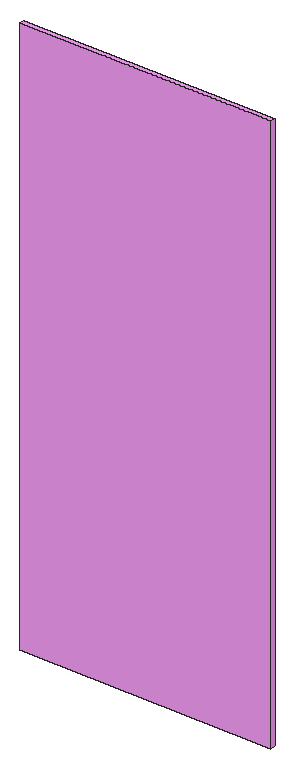
Revit family "EXP_WT-1A_CPan-024", category Curtain Panels, Revit 2021
Family settings
  OmniClass Number = 23.25.20.14.11.11.17
  OmniClass Title = Infill Panels
  Always vertical = Yes
  Cut with Voids When Loaded = No
  Shared = No
Parameters
  UI-UnitNumber [instance] = "001"
  UI-Quadrant [instance] = "SE"
  UI-ProjectAbbreviation = "NEU"
  UI-ItemCategory = "PID"
  UI-FloorNumber [instance] = "03"
  PNT-WallType = "WT1A"
  PNT-ProjectAbbreviation = "NEU"
  PNT-PanelType [instance] = "01"
  PNT-ItemCategory = "PNL"
  GlassSPH [instance] = 0' - 1 1/8"
  GlassH1 [instance] = IG-3F(Glass)
  Define Thermal Properties by = Schematic Type
  CellSp = 0' - 10 3/16"
  CellL [instance] = 6' - 2"
  CellH1 [instance] = CellH  # 12' - 11"
  CellH [instance] = 12' - 11"
  CellAngle [instance] = 45.00°
  Analytic Construction = "<None>"
Reference planes (in)
  plane 1 "Center (Front/Back)": y = 0
  plane 2: z = 0
  plane 3 "Center (Left/Right)": x = 0
  plane 4 "Left": x = -37
  plane 5 "Right": x = 37
  plane 6 "Top": z = 155
  plane 7: y = -10.1875
Forms (in)
  Extrusion 1, solid, material "IG-3F(Glass)" <- "GlassH1", detail levels coarse+medium
    sketch origin (0, 0, 0) x (1, 0, 0) y (0, 1, 0)
      loop
        line (37, 0) -> (-37, 0) -> (-26.8125, -10.1875) -> (37, -10.1875) -> (37, 0)
    from 0 to 155
Lines and regions (in)
  reference lines
    curve 1: line (-37, 0, 0) -> (-2.35177, -34.64823, 0)
Text (in)
  text "Exterior" at (-92.59733, 55.75508, 0), in view "Ref. Level"
  text "Exterior" at (0, 90.18664, 173.49264), in view "Left"
  text "Exterior" at (0, 52.29083, 162.21847), in view "Right"
Dimensions and locks (in)
  "CellL": plane 4 "Left" to plane 5 "Right"
  equal spacing: plane 4 "Left", plane 3 "Center (Left/Right)", plane 5 "Right"
  "CellH": plane 2 to plane 6 "Top"
  "CellSp": plane 7 to plane 1 "Center (Front/Back)"
  "CellAngle": angle curve 1 to plane 1 "Center (Front/Back)"
  aligned and locked: level to plane 2
  aligned and locked: Extrusion 1 sketch curve to plane 1 "Center (Front/Back)"
  aligned and locked: Extrusion 1 sketch curve to plane 7
  aligned and locked: Extrusion 1 sketch curve to curve 1
  aligned and locked: Extrusion 1 sketch curve to plane 5 "Right"
  aligned and locked: Extrusion 1 to plane 6 "Top"
  aligned and locked: nested 1 to curve 1
  aligned and locked: Extrusion 1 to nested 2
  aligned and locked: nested 2 to Extrusion 1
  aligned and locked: nested 2 to level
  aligned and locked: Extrusion 1 to plane 2
  aligned and locked: nested 1 to plane 5 "Right"
  aligned and locked: plane 5 "Right" to nested 3
  aligned and locked: plane 1 "Center (Front/Back)" to nested 3
  aligned and locked: plane 2 to Extrusion 1
  aligned and locked: plane 6 "Top" to Extrusion 1
  aligned and locked: plane 1 "Center (Front/Back)" to nested 4
  aligned and locked: nested 4 to plane 6 "Top"
  aligned and locked: plane 2 to nested 4
  aligned and locked: plane 5 "Right" to nested 4
  aligned and locked: plane 4 "Left" to nested 4
Automatic sketch dimensions
  plane 1 "Center (Front/Back)" to curve 1 = 0' - 0"
  curve 1 to plane 4 "Left" = 0' - 0"
Nested families (in)
  nested 1: "EXP_WT-1A_DetO-002" at (-37, 0, 0), CellAngle <- "CellAngle", type "EXP_WT-1A_DetO-002"
    with built-in parameter 1001306 6.1667 (stored number, unit not read), CellAngle 45.00°
  nested 2: "EXP_WT-1A_DetO-003" at (0, 0, 155) x (0, 0, -1) z (1, 0, 0), type "EXP_WT-1A_DetO-003"
    with built-in parameter 1001306 12.917 (stored number, unit not read), CellH2 8' - 5 1/2", CellH1 4' - 5 1/2"
  nested 3: "EXP_xx_DetO-002" at (0, 0, 0), CellH <- "CellH", CellL <- "CellL", type "EXP_xx_DetO-002", detail levels coarse
    with CellL 6' - 2", CellH 12' - 11"
  nested 4: "EXP_WT-1x_IG-003" at (0, 0, 77.5), MaterialGlass <- "GlassH1", GlassSP <- "GlassSPH", type "A = 78_GlassSP = H", detail levels fine
    with MaterialGlass IG-3F(Glass), GlassSP 0' - 1 1/8", GlassL 5' - 7.93701", GlassH 12' - 8.12598", CellL 6' - 2", CellH 12' - 11"
Definition of nested family "EXP_WT-1x_IG-003"
  Parameters (values of type "A = 90_H2(x2) _ GlassSP = 2 1/8"")
    MaterialGlass [instance] = none
    GlassSP [instance] = 0' - 2.12598"
    GlassL [instance] = CellL - (GlassD1 + GlassD3)  # 3' - 7.69291"
    GlassH [instance] = CellH - (GlassD2 + GlassD4)  # 6' - 6.64788"
    GlassD4 = 0' - 1.43701"
    GlassD3 = 0' - 0.93701"
    GlassD2 = 0' - 0 1/2"
    GlassD1 = 0' - 4.18898"
    GMPI-ProjectAbbreviation = "NEU"
    GMPI-IteamCategory = "GLS"
    Default Elevation = 0' - 0"
    CellL [instance] = 4' - 0.8189"
    CellH [instance] = 6' - 8.58489"
  Types (20): name | GlassSP | GlassL | GlassH | GlassD4 | GlassD2 | GlassD1
    A = 90_H2(x2) _ GlassSP = 2 1/8" | 0' - 2.12598" | 3' - 7.69291" | 6' - 6.64788" | 0' - 1.43701" | 0' - 0 1/2" | 0' - 4.18898"
    A = 90_H1 _ GlassSP = 1 1/4" | 0' - 1 1/4" | 3' - 7.69291" | 6' - 6.89739" | 0' - 0 1/4" | 0' - 1 7/16" | 0' - 4.18898"
    A = 90_H2(x3) _ GlassSP = 2 1/8" | 0' - 2.12598" | 3' - 7.69291" | 6' - 7.83489" | 0' - 0 1/4" | 0' - 0 1/2" | 0' - 4.18898"
    A = 90_H3 _ GlassSP = 1 1/4" | 0' - 1 1/4" | 3' - 7.69291" | 6' - 6.64788" | 0' - 1.43701" | 0' - 0 1/2" | 0' - 4.18898"
    A = 90_H _ GlassSP = 1 1/4" | 0' - 1 1/4" | 3' - 7.69291" | 6' - 5.71088" | 0' - 1.43701" | 0' - 1.43701" | 0' - 4.18898"
    A = 78_H _ GlassSP = 1 1/4" | 0' - 1 1/4" | 3' - 6.75591" | 6' - 5.71088" | 0' - 1.43701" | 0' - 1.43701" | 0' - 5.12598"
    A = 78_H1 _ GlassSP = 1 1/4" | 0' - 1 1/4" | 3' - 6.75591" | 6' - 6.89739" | 0' - 0 1/4" | 0' - 1 7/16" | 0' - 5.12598"
    A = 78_H2(x2) _ GlassSP = 2 1/8" | 0' - 2.12598" | 3' - 6.75591" | 6' - 6.64788" | 0' - 1.43701" | 0' - 0 1/2" | 0' - 5.12598"
    A = 78_H2(x3) _ GlassSP = 2 1/8" | 0' - 2.12598" | 3' - 6.75591" | 6' - 7.83489" | 0' - 0 1/4" | 0' - 0 1/2" | 0' - 5.12598"
    A = 78_H3 _ GlassSP = 1 1/4" | 0' - 1 1/4" | 3' - 6.75591" | 6' - 6.64788" | 0' - 1.43701" | 0' - 0 1/2" | 0' - 5.12598"
    A = 90_GlassSP = H | 0' - 1 1/4" | 3' - 7.69291" | 6' - 5.71088" | 0' - 1.43701" | 0' - 1.43701" | 0' - 4.18898"
    A = 90_ GlassSP = H3 | 0' - 1 1/4" | 3' - 7.69291" | 6' - 6.64788" | 0' - 1.43701" | 0' - 0 1/2" | 0' - 4.18898"
    A = 90_GlassSP = H2(x3) | 0' - 2.12598" | 3' - 7.69291" | 6' - 7.83489" | 0' - 0 1/4" | 0' - 0 1/2" | 0' - 4.18898"
    A = 90_GlassSP = H2(x2) | 0' - 2.12598" | 3' - 7.69291" | 6' - 6.64788" | 0' - 1.43701" | 0' - 0 1/2" | 0' - 4.18898"
    A = 90_GlassSP = H1 | 0' - 1 1/4" | 3' - 7.69291" | 6' - 6.89739" | 0' - 0 1/4" | 0' - 1 7/16" | 0' - 4.18898"
    A = 78_GlassSP = H | 0' - 1 1/4" | 3' - 6.75591" | 6' - 5.71088" | 0' - 1.43701" | 0' - 1.43701" | 0' - 5.12598"
    A = 78_ GlassSP = H3 | 0' - 1 1/4" | 3' - 6.75591" | 6' - 6.64788" | 0' - 1.43701" | 0' - 0 1/2" | 0' - 5.12598"
    A = 78_ GlassSP = H2(x3) | 0' - 2.12598" | 3' - 6.75591" | 6' - 7.83489" | 0' - 0 1/4" | 0' - 0 1/2" | 0' - 5.12598"
    A = 78_GlassSP = H2(x2) | 0' - 2.12598" | 3' - 6.75591" | 6' - 6.64788" | 0' - 1.43701" | 0' - 0 1/2" | 0' - 5.12598"
    A = 78_GlassSP = H1 | 0' - 1 1/4" | 3' - 6.75591" | 6' - 6.89739" | 0' - 0 1/4" | 0' - 1 7/16" | 0' - 5.12598"
  Reference planes (in)
    plane 1 "Center (Front/Back)": y = 0
    plane 2: z = 0
    plane 3 "Center (Left/Right)": x = 0
    plane 4: x = -24.40945
    plane 5: x = 24.40945
    plane 6: z = 40.29245
    plane 7: x = -20.22047
    plane 8: x = 23.47244
    plane 9: z = -40.29245
    plane 10: z = 39.79245
    plane 11: z = -38.85544
  Forms (in)
    Extrusion 1, solid, material <- "MaterialGlass"
      sketch origin (0, 0, 0) x (1, 0, 0) y (0, 0, 1)
        loop
          line (-20.22047, -38.85544) -> (23.47244, -38.85544) -> (23.47244, 39.79245) -> (-20.22047, 39.79245) -> (-20.22047, -38.85544)
      from 0 to 2.12598 <- "GlassSP"
  Dimensions and locks (in)
    equal spacing: plane 6, level, plane 9
    "CellH": plane 6 to plane 9
    "GlassD2": plane 6 to plane 10
    "GlassD4": plane 11 to plane 9
    equal spacing: plane 4, plane 3 "Center (Left/Right)", plane 5
    "CellL": plane 4 to plane 5
    "GlassD1": plane 4 to plane 7
    "GlassD3": plane 5 to plane 8
    aligned and locked: level to plane 2
    aligned and locked: Extrusion 1 sketch curve to plane 11
    aligned and locked: Extrusion 1 sketch curve to plane 7
    aligned and locked: plane 10 to Extrusion 1 sketch curve
    aligned and locked: plane 8 to Extrusion 1 sketch curve
Definition of nested family "EXP_WT-1A_DetO-002"
  Parameters (values of type "EXP_WT-1A_DetO-002")
    built-in parameter 1001306 [instance] = 5' - 2.99213"
    CellAngle [instance] = 45.00°
  Reference planes (in)
    plane 1 "Center (Front/Back)": y = 0
    plane 2: z = 0
    plane 3 "Left": x = 0
    plane 4 "Right": x = 62.99213
  Lines and regions (in)
    reference lines, in view "Ref. Level"
      curve 1: line (0, 0, 0) -> (62.99213, 0, 0)
      curve 17: line (0, 0, 0) -> (16.97056, -16.97056, 0)
    detail lines, in view "Ref. Level"
      curve 2: line (-0.30429, 0, 0) -> (-0.00849, 0, 0)
      curve 3: line (-0.30429, 0, 0) -> (-0.00849, 0, 0)
      curve 4: line (62.99213, -0.81795, 0) -> (62.99213, -10.1875, 0)
      curve 5: line (62.99213, -10.1875, 0) -> (60.99213, -10.1875, 0)
      curve 6: line (60.99213, -10.1875, 0) -> (60.99213, -2.43678, 0)
      curve 7: line (60.99213, -2.43678, 0) -> (62.44632, -2.43678, 0)
      curve 8: line (62.44632, -2.43678, 0) -> (62.44632, 0, 0)
      curve 9: line (62.44632, 0, 0) -> (62.74213, 0, 0)
      curve 10: line (62.74213, 0, 0) -> (62.74213, -0.81795, 0)
      curve 11: line (62.99213, -0.81795, 0) -> (62.74213, -0.81795, 0)
      curve 12: line (-0.30429, 0, 0) -> (-0.00849, 0, 0)
      curve 13: line (2.83381, 0, 0) -> (62.04971, 0, 0)
      curve 14: line (2.83381, -1.31, 0) -> (2.83381, 0, 0)
      curve 15: line (2.83381, -1.31, 0) -> (62.04971, -1.31, 0)
      curve 16: line (62.04971, -1.31, 0) -> (62.04971, 0, 0)
      curve 18: line (2.35972, -2.35972, 0) -> (10.125, -10.1875, 0)
      curve 19: line (12.59763, -10.1875, 0) -> (10.125, -10.1875, 0)
      curve 20: line (4.3571, -1.88308, 0) -> (12.59763, -10.1875, 0)
      curve 21: line (2.8356, -1.88308, 0) -> (4.3571, -1.88308, 0)
      curve 22: line (2.35972, -2.35972, 0) -> (2.8356, -1.88308, 0)
  Dimensions and locks (in)
    "built-in parameter 1001306": plane 3 "Left" to plane 4 "Right"
    "CellAngle": angle curve 17 to plane 1 "Center (Front/Back)"
    aligned and locked: plane 1 "Center (Front/Back)" to curve 1
    aligned and locked: plane 3 "Left" to curve 1
    aligned and locked: plane 4 "Right" to curve 1
    aligned and locked: curve 4 to plane 4 "Right"
    aligned and locked: curve 12 to curve 1
    aligned and locked: curve 1 to curve 13
    aligned and locked: curve 5 to curve 19
  Automatic sketch dimensions
    plane 1 "Center (Front/Back)" to curve 9 = 0' - 0"
    curve 2 to curve 2 = 0' - 0.2958"
    curve 7 to plane 4 "Right" = 0' - 2"
    curve 9 to plane 4 "Right" = 0' - 0.5458"
    curve 10 to curve 4 = 0' - 0 1/4"
    plane 1 "Center (Front/Back)" to curve 4 = 0' - 0.81795"
    curve 7 to curve 10 = 0' - 1.61883"
    curve 16 to curve 10 = 0' - 0.69242"
    curve 16 to curve 10 = 0' - 0.49205"
    curve 3 to curve 13 = 0' - 2.8423"
    curve 14 to curve 20 = 0' - 1.52329"
    curve 19 to curve 20 = 0' - 2.47263"
    curve 14 to curve 21 = 0' - 0.00179"
    curve 22 to curve 22 = 0' - 0.47588"
    curve 22 to curve 22 = 0' - 0.47664"
    plane 1 "Center (Front/Back)" to curve 21 = 0' - 1.88308"
    plane 3 "Left" to curve 20 = 1' - 0.59763"
    plane 3 "Left" to curve 21 = 0' - 4.3571"
    curve 5 to curve 6 = 0' - 7.75072"
Definition of nested family "EXP_WT-1A_DetO-003"
  Parameters (values of type "EXP_WT-1A_DetO-003")
    built-in parameter 1001306 [instance] = 12' - 11"
    CellH2 [instance] = 9' - 8"
    CellH1 [instance] = 3' - 3"
    CellH [instance] = 12' - 11"
  Reference planes (in)
    plane 1 "Center (Front/Back)": y = 0
    plane 2: z = 0
    plane 3 "Left": x = 0
    plane 4 "Right": x = 155
    plane 5: x = 39
  Lines and regions (in)
    reference lines, in view "Ref. Level"
      curve 1: line (0, 0, 0) -> (155, 0, 0)
    detail lines, in view "Ref. Level"
      curve 2: line (37.25001, -10.1875, 0) -> (37.25001, -2.41263, 0)
      curve 3: line (37.25001, -2.41263, 0) -> (40.74999, -2.41263, 0)
      curve 4: line (40.74999, -2.41263, 0) -> (40.74999, -10.1875, 0)
      curve 5: line (40.74999, -10.1875, 0) -> (37.25001, -10.1875, 0)
      curve 6: line (39.27639, -2.185, 0) -> (39.27639, 0, 0)
      curve 7: line (39.27639, 0, 0) -> (153.80789, 0, 0)
      curve 8: line (153.80789, -2.185, 0) -> (39.27639, -2.185, 0)
      curve 9: line (38.52639, -1.31, 0) -> (38.52639, 0, 0)
      curve 10: line (38.52639, 0, 0) -> (1.19241, 0, 0)
      curve 11: line (38.52639, -1.31, 0) -> (1.19241, -1.31, 0)
      curve 12: line (0, -10.1875, 0) -> (2.125, -10.1875, 0)
      curve 13: line (0, -0.81812, 0) -> (0, -10.1875, 0)
      curve 14: line (0.5, 0, 0) -> (0.5, -0.81812, 0)
      curve 15: line (0.5, 0, 0) -> (0.7958, 0, 0)
      curve 16: line (0, -0.81812, 0) -> (0.5, -0.81812, 0)
      curve 17: line (0.7958, -2.43676, 0) -> (0.7958, 0, 0)
      curve 18: line (2.125, -2.43676, 0) -> (0.7958, -2.43676, 0)
      curve 19: line (2.125, -10.1875, 0) -> (2.125, -2.43676, 0)
      curve 20: line (1.19241, -1.31, 0) -> (1.19241, 0, 0)
      curve 21: line (155, 60, 0) -> (155, -10.1875, 0)
      curve 22: line (155, -10.1875, 0) -> (151.625, -10.1875, 0)
      curve 23: line (151.625, -10.1875, 0) -> (151.625, -2.43679, 0)
      curve 24: line (151.625, -2.43679, 0) -> (154.2042, -2.43679, 0)
      curve 25: line (154.2042, -2.43679, 0) -> (154.2042, 0, 0)
      curve 26: line (154.5, 0, 0) -> (154.5, -0.81812, 0)
      curve 27: line (154.2042, 0, 0) -> (154.5, 0, 0)
      curve 28: line (155, -0.81812, 0) -> (154.5, -0.81812, 0)
      curve 29: line (155, -0.81812, 0) -> (155, -10.1875, 0)
      curve 30: line (153.80789, -2.185, 0) -> (153.80789, 0, 0)
  Dimensions and locks (in)
    "built-in parameter 1001306": plane 3 "Left" to plane 4 "Right"
    "CellH": plane 3 "Left" to plane 4 "Right"
    "CellH2": plane 5 to plane 4 "Right"
    "CellH1": plane 3 "Left" to plane 5
    aligned and locked: plane 1 "Center (Front/Back)" to curve 1
    aligned and locked: plane 3 "Left" to curve 1
    aligned and locked: plane 4 "Right" to curve 1
    aligned and locked: curve 1 to curve 7
    aligned and locked: curve 10 to plane 1 "Center (Front/Back)"
    aligned and locked: curve 13 to plane 3 "Left"
    aligned and locked: curve 1 to curve 15
    aligned and locked: curve 21 to plane 4 "Right"
    aligned and locked: curve 29 to plane 4 "Right"
    aligned and locked: curve 5 to curve 12
    aligned and locked: curve 22 to curve 5
  Automatic sketch dimensions
    plane 5 to curve 3 = 0' - 1 3/4"
    plane 1 "Center (Front/Back)" to curve 3 = 0' - 2.41263"
    curve 5 to plane 5 = 0' - 1 3/4"
    plane 5 to curve 6 = 0' - 0.27639"
    curve 6 to curve 6 = 0' - 2.185"
    curve 9 to plane 5 = 0' - 0.47361"
    plane 1 "Center (Front/Back)" to curve 13 = 0' - 0.81812"
    plane 3 "Left" to curve 14 = 0' - 0 1/2"
    curve 14 to curve 17 = 0' - 0.2958"
    curve 17 to curve 18 = 0' - 1.3292"
    curve 18 to curve 14 = 0' - 1.61864"
    curve 14 to curve 20 = 0' - 0.69242"
    curve 20 to curve 14 = 0' - 0.49188"
    curve 21 to plane 1 "Center (Front/Back)" = 5' - 0"
    curve 24 to curve 24 = 0' - 2.5792"
    plane 1 "Center (Front/Back)" to curve 27 = 0' - 0"
    curve 25 to curve 26 = 0' - 0.2958"
    curve 28 to curve 28 = 0' - 0 1/2"
    curve 30 to curve 24 = 0' - 0.39631"
    curve 24 to curve 30 = 0' - 0.25179"
    plane 1 "Center (Front/Back)" to curve 26 = 0' - 0.81812"
    curve 22 to curve 24 = 0' - 7.75071"
Definition of nested family "EXP_xx_DetO-002"
  Parameters (values of type "EXP_xx_DetO-002")
    Default Elevation = 0' - 0"
    CellL [instance] = 5' - 4.56693"
    CellH [instance] = 5' - 2.99213"
  Reference planes (in)
    plane 1 "Center (Front/Back)": y = 0
    plane 2: z = 0
    plane 3 "Center (Left/Right)": x = 0
    plane 4: x = -32.28346
    plane 5: x = 32.28346
    plane 6: z = 62.99213
  Lines and regions (in)
    model lines
      curve 1: line (-32.28346, 0, 62.99213) -> (32.28346, 0, 0)
      curve 2: line (32.28346, 0, 62.99213) -> (-32.28346, 0, 0)
  Dimensions and locks (in)
    "CellH": plane 6 to level
    equal spacing: plane 4, plane 3 "Center (Left/Right)", plane 5
    "CellL": plane 4 to plane 5
    aligned and locked: level to plane 2
  Automatic sketch dimensions
    curve 2 to level = 0' - 0"
    plane 4 to curve 2 = 0' - 0"
    plane 4 to curve 1 = 0' - 0"
    plane 5 to curve 2 = 0' - 0"
    curve 1 to level = 0' - 0"
    plane 5 to curve 1 = 0' - 0"
    curve 2 to plane 6 = 0' - 0"
    curve 1 to plane 6 = 0' - 0"
